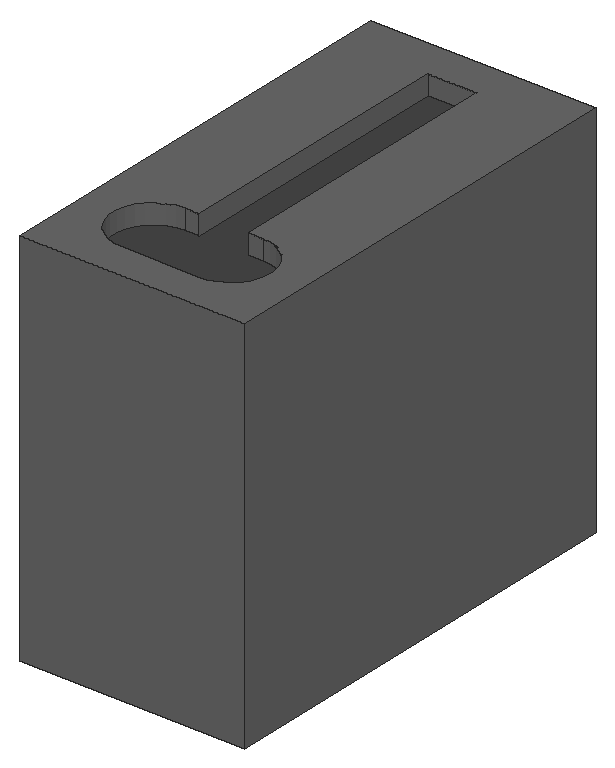
Revit family "Domotics-DomesticRanges-GEWISS-SYSTEM_DATA-PHONE_SOCKET_FRE", category Apparecchi elettrici, host Superficie, Revit 2016
Family settings
  Host = Superficie
  Mantenere orientamento annotazione = Sì
  Tipo di parte = Normale
  Quota connettore circolare = Usa diametro
  Taglio con vuoti quando caricato = Sì
  Condiviso = Sì
  Punto di calcolo locali = Sì
Parameters (values of type "GW21235 - FRENCH PHONE S.-OUTLET 8 CONTACTS SY/BK")
  Volt = 230 V
  Vista in pianta [instance] = yes
  Version file RFA = "19.4"
  URL = "https://www.gewiss.com/ww/en"
  Tipo_ = SYSTEM PRESE TEL FRA_GENERICO : GW21235
  Technical sheet = "https://www.gewiss.com/ww/en/search?q=GW21235"
  Standard: = "French"
  Simbolo [instance] = yes
  SEO = "Connector"
  Realized by GEWISS S.p.A. = ""
  Default Elevation = 1219.2 mm
  Produttore = "GEWISS S.p.A."
  Offset presa [instance] = 0 mm
  Offset bidimensionale [instance] = 39 mm
  No. SYSTEM modules = "1"
  N. poli = 1
  Modello = "GW21235"
  Immagine tipo = GW21235.jpg
  IFC.TypeObject = ""
  IFC.ExportType = ""
  IFC.ExportAs = ""
  IDT = "5c633a00-f518-4a25-9df9-c437490694e6"
  IDF = "c6a26cf8-1e3b-4e8a-9b07-35d354d93641"
  Electrocod = "3722                "
  EAN code = "8011564128828"
  Distanza_x [instance] = 0 mm
  Distanza_effettiva_y [instance] = 100 mm
  Distanza_effettiva_x [instance] = 1000 mm - Distanza_x  # 1000 mm
  Distanza orizzontale del simbolo [instance] = 45.729 mm
  Distanza dal muro [instance] = 4.208 mm
  Descrizione = "FRENCH PHONE S.-OUTLET 8 CONTACTS SY/BK"
  Description: = "French 8 contacts"
  Description. = "Connector"
  Connection = "Screw-on terminals"
  Colour = "Black"
  Catalogue Range = "SYSTEM - DOMESTIC RANGE"
  Catalogue = "DOMOTICS"
  Carico apparente = 0 VA
  COBie.Tagnumber = ""
  COBie.CreatedOn = ""
  COBie.CreatebBy = ""
  COBie.ComponentRegisterItemID = ""
  COBie.Component.TagNumber = ""
  COBie.Component.Space = ""
  COBie.Component.SerialNumber = ""
  COBie.Component.InstallationDate = ""
  COBie.Component.Description = ""
  COBie.Component.BarCode = ""
Types (2, lengths in mm): name | Tipo_ | Technical sheet | Modello | Immagine tipo | IDT | EAN code | Descrizione | Colour
  GW20235 - FRENCH PHONE S.-OUTLET 8 CONTACTS SY/WT | SYSTEM PRESE TEL FRA_GENERICO : GW20235 | "https://www.gewiss.com/ww/en/search?q=GW20235" | "GW20235" | GW20235.jpg | "644cc59e-cbfe-44fb-8cbe-0a84698c2c3c" | "8011564000773" | "FRENCH PHONE S.-OUTLET 8 CONTACTS SY/WT" | "White"
  GW21235 - FRENCH PHONE S.-OUTLET 8 CONTACTS SY/BK | SYSTEM PRESE TEL FRA_GENERICO : GW21235 | "https://www.gewiss.com/ww/en/search?q=GW21235" | "GW21235" | GW21235.jpg | "5c633a00-f518-4a25-9df9-c437490694e6" | "8011564128828" | "FRENCH PHONE S.-OUTLET 8 CONTACTS SY/BK" | "Black"
Reference planes
  plane 1 "Centro (Fronte/Retro)": y = 0
  plane 2: z = 0
  plane 3 "Centro (Sinistra/Destra)": x = 0
  plane 4: x = -1000
  plane 5: x = 0
  plane 6: y = 100
  plane 7: z = 0
  plane 8: z = 39
  plane 9: z = 39
Lines and regions (mm)
  Masking region 1, visible <- "Vista in pianta"
    outline origin (0, 0, 0) x (1, 0, 0) y (0, 1, 0)
      loop
        line (-11.5, 22.5) -> (-11.5, -22.5) -> (11.5, -22.5) -> (11.5, 22.5) -> (-11.5, 22.5)
      loop
        arc (3.991, -18.902) -> (8.068, -14.825) -> (3.991, -10.748) r 4.077
        line (3.991, -10.748) -> (2.525, -10.748) -> (2.525, 18.555) -> (-2.525, 18.555) -> (-2.525, -10.748) -> (-3.991, -10.748)
        arc (-3.991, -10.748) -> (-8.068, -14.825) -> (-3.991, -18.902) r 4.077
        line (-3.991, -18.902) -> (3.991, -18.902)
  Masking region 2, visible <- "Vista in pianta"
    outline origin (0, 0, 0) x (1, 0, 0) y (0, 0, 1)
      loop
        line (-11.5, 39) -> (-11.5, 0) -> (11.5, 0) -> (11.5, 39) -> (-11.5, 39)
  Masking region 3, visible <- "Vista in pianta"
    outline origin (0, 0, 0) x (0, 1, 0) y (0, 0, 1)
      loop
        line (-22.5, 39) -> (-22.5, 0) -> (22.5, 0) -> (22.5, 39) -> (-22.5, 39)
  model lines, style "0", detail levels coarse
    curve 1: arc (-3.991, -10.748, 39) -> (-8.068, -14.825, 39) -> (-3.991, -18.902, 39) r 4.077
    curve 2: arc (3.991, -18.902, 39) -> (8.068, -14.825, 39) -> (3.991, -10.748, 39) r 4.077
    curve 3: line (11.5, -22.5, 39) -> (-11.5, -22.5, 39)
    curve 4: line (-11.5, -22.5, 39) -> (-11.5, 22.5, 39)
    curve 5: line (-11.5, 22.5, 39) -> (11.5, 22.5, 39)
    curve 6: line (11.5, 22.5, 39) -> (11.5, -22.5, 39)
    curve 7: line (-3.991, -10.748, 39) -> (-2.525, -10.748, 39)
    curve 8: line (-2.525, -10.748, 39) -> (-2.525, 18.555, 39)
    curve 9: line (-2.525, 18.555, 39) -> (2.525, 18.555, 39)
    curve 10: line (2.525, 18.555, 39) -> (2.525, -10.748, 39)
    curve 11: line (2.525, -10.748, 39) -> (3.991, -10.748, 39)
    curve 12: line (-3.991, -18.902, 39) -> (3.991, -18.902, 39)
  model lines, style "0", not visible, detail levels coarse
    curve 13: arc (40.941, 35.069, 0) -> (36.863, 30.992, 0) -> (40.941, 26.915, 0) r 4.077
    curve 14: arc (48.922, 26.915, 0) -> (53, 30.992, 0) -> (48.922, 35.069, 0) r 4.077
    curve 15: line (56.432, 23.317, 0) -> (33.432, 23.317, 0)
    curve 16: line (33.432, 23.317, 0) -> (33.432, 68.317, 0)
    curve 17: line (33.432, 68.317, 0) -> (56.432, 68.317, 0)
    curve 18: line (56.432, 68.317, 0) -> (56.432, 23.317, 0)
    curve 19: line (40.941, 35.069, 0) -> (42.406, 35.069, 0)
    curve 20: line (42.406, 35.069, 0) -> (42.406, 64.372, 0)
    curve 21: line (42.406, 64.372, 0) -> (47.457, 64.372, 0)
    curve 22: line (47.457, 64.372, 0) -> (47.457, 35.069, 0)
    curve 23: line (47.457, 35.069, 0) -> (48.922, 35.069, 0)
    curve 24: line (40.941, 26.915, 0) -> (48.922, 26.915, 0)
Dimensions and locks
  plane 4 to plane 3 "Centro (Sinistra/Destra)" = 1000 mm
  "Distanza_effettiva_x": plane 4 to plane 5
  "Distanza_effettiva_y": plane 6 to plane 1 "Centro (Fronte/Retro)"
  "Offset presa": plane 7 to host face
  "Offset bidimensionale": plane 8 to host face
  locked: plane 9 to plane 7 at 39
  aligned and locked: plane 2 to host face
  aligned and locked: level to host face
  aligned and locked: plane 3 "Centro (Sinistra/Destra)" to nested 1
  aligned and locked: plane 1 "Centro (Fronte/Retro)" to nested 1
  aligned and locked: nested 2 to plane 5
  aligned and locked: nested 2 to plane 6
  aligned and locked: Masking region 1 sketch curve to nested 1  (x4)
  aligned and locked: nested 1 to plane 7  (x2)
  aligned and locked: plane 8 to curve 3
  aligned and locked: nested 1 to plane 9  (x2)
  aligned and locked: Masking region 2 sketch curve to nested 1  (x2)
  aligned and locked: plane 9 to Masking region 2 sketch curve
  aligned and locked: plane 7 to Masking region 2 sketch curve
  aligned and locked: Masking region 2 to plane 7
  aligned and locked: Masking region 3 sketch curve to nested 1  (x2)
  aligned and locked: plane 9 to Masking region 3 sketch curve
  aligned and locked: plane 7 to Masking region 3 sketch curve
  aligned and locked: Masking region 3 to plane 7
  aligned and locked: plane 7 to nested 1  (x2)
  aligned and locked: Masking region 3 to plane 9
  aligned and locked: plane 9 to nested 1
Automatic sketch dimensions
  host sketch curve to host sketch curve = 2438.4 mm  (x2)
  Masking region 1 sketch curve to plane 3 "Centro (Sinistra/Destra)" = 3.991 mm
  Masking region 1 sketch curve to Masking region 1 sketch curve = 3.598 mm
  Masking region 1 sketch curve to Masking region 1 sketch curve = 4.077 mm  (x2)
  plane 3 "Centro (Sinistra/Destra)" to Masking region 1 sketch curve = 3.991 mm
  Masking region 1 sketch curve to Masking region 1 sketch curve = 1.466 mm  (x2)
  Masking region 1 sketch curve to Masking region 1 sketch curve = 3.945 mm
Nested families
  nested 1: "SYSTEM PRESE TEL FRA_GENERICO" at (0, 0, 0), type <- "Tipo_", type "GW21235", detail levels medium+fine
  nested 2: "SIMBOLO" at (0, 100, 0), visible <- "Simbolo", SIMBOLO <- "Simbolo", type "SIMBOLO"
    with SIMBOLO yes, Distanza dal muro 4.208 mm, BORDO ACCESO yes
Connectors
  electrical at (0, 0, 0), driven by "N. poli", driven by "Volt", driven by "Carico apparente"
    settings: on nested 1, index 1, voltage 230 V, apparent load 0 VA, apparent load phase1 0 VA, apparent load phase2 0 VA, apparent load phase3 0 VA, power factor 1, load classification "Altro", number of poles 1, system type 31, power factor state 1, is connector primary yes, connector utility no, sub classification motor no, connector description ""
Definition of nested family "SYSTEM PRESE TEL FRA_GENERICO"
  Parameters (values of type "GW20235")
    Profondità presa = 39 mm
    Finitura System Limitatore Tensione = none
    Altezza da Terra = 750 mm
  Types (2): name
    GW20235
    GW21235
  Reference planes
    plane 1 "Centro (Fronte/Retro)": y = 0
    plane 2: z = 0
    plane 3 "Centro (Sinistra/Destra)": x = 0
    plane 4: z = 0
    plane 5: z = 39
    plane 6: z = 37
  Forms (mm)
    Extrusion 1, solid, material <- "Finitura System Limitatore Tensione"
      sketch origin (-51.929, -802.514, 39) x (1, 0, 0) y (0, 1, 0)
        loop
          line (40.429, 825.014) -> (40.429, 780.014) -> (63.429, 780.014) -> (63.429, 825.014) -> (40.429, 825.014)
        loop
          line (49.404, 791.767) -> (47.938, 791.767)
          arc (47.938, 791.767) -> (43.861, 787.689) -> (47.938, 783.612) r 4.077
          line (47.938, 783.612) -> (55.92, 783.612)
          arc (55.92, 783.612) -> (59.997, 787.689) -> (55.92, 791.767) r 4.077
          line (55.92, 791.767) -> (54.454, 791.767) -> (54.454, 821.069) -> (49.404, 821.069) -> (49.404, 791.767)
      from 0 to -39
    Extrusion 2, solid
      sketch origin (0, 0, 0) x (1, 0, 0) y (0, 1, 0)
        loop
          line (-2.525, -10.748) -> (-3.991, -10.748)
          arc (-3.991, -10.748) -> (-8.068, -14.825) -> (-3.991, -18.902) r 4.077
          line (-3.991, -18.902) -> (3.991, -18.902)
          arc (3.991, -18.902) -> (8.068, -14.825) -> (3.991, -10.748) r 4.077
          line (3.991, -10.748) -> (2.525, -10.748) -> (2.525, 18.555) -> (-2.525, 18.555) -> (-2.525, -10.748)
      from 0 to 37
  Dimensions and locks
    "Profondità presa": plane 5 to level
    plane 5 to plane 6 = 2 mm
    aligned and locked: level to plane 2
    aligned and locked: Extrusion 1 to plane 4
    aligned and locked: plane 2 to plane 4
    aligned and locked: plane 5 to Extrusion 1
    aligned and locked: plane 6 to Extrusion 2
  Automatic sketch dimensions
    Extrusion 1 sketch curve to plane 3 "Centro (Sinistra/Destra)" = 11.5 mm
    plane 1 "Centro (Fronte/Retro)" to Extrusion 1 sketch curve = 22.5 mm
    Extrusion 1 sketch curve to plane 1 "Centro (Fronte/Retro)" = 22.5 mm
    plane 3 "Centro (Sinistra/Destra)" to Extrusion 1 sketch curve = 11.5 mm
    Extrusion 1 sketch curve to plane 3 "Centro (Sinistra/Destra)" = 2.525 mm
    Extrusion 1 sketch curve to Extrusion 1 sketch curve = 3.945 mm
    plane 3 "Centro (Sinistra/Destra)" to Extrusion 1 sketch curve = 2.525 mm
    plane 1 "Centro (Fronte/Retro)" to Extrusion 1 sketch curve = 10.748 mm
    Extrusion 1 sketch curve to Extrusion 1 sketch curve = 0 mm
    plane 3 "Centro (Sinistra/Destra)" to Extrusion 1 sketch curve = 3.991 mm
    Extrusion 1 sketch curve to plane 3 "Centro (Sinistra/Destra)" = 3.991 mm
    Extrusion 1 sketch curve to Extrusion 1 sketch curve = 4.077 mm
    Extrusion 2 sketch curve to plane 3 "Centro (Sinistra/Destra)" = 2.525 mm
    Extrusion 2 sketch curve to plane 1 "Centro (Fronte/Retro)" = 18.555 mm
    plane 3 "Centro (Sinistra/Destra)" to Extrusion 2 sketch curve = 2.525 mm
    plane 1 "Centro (Fronte/Retro)" to Extrusion 2 sketch curve = 10.748 mm
    Extrusion 2 sketch curve to Extrusion 2 sketch curve = 0 mm
    Extrusion 2 sketch curve to Extrusion 2 sketch curve = 1.466 mm
    Extrusion 2 sketch curve to plane 3 "Centro (Sinistra/Destra)" = 3.991 mm
    Extrusion 2 sketch curve to Extrusion 2 sketch curve = 4.077 mm
Definition of nested family "SIMBOLO"
  Parameters (values of type "SIMBOLO")
    SIMBOLO [instance] = yes
    Distanza dal muro [instance] = 4.208 mm
    BORDO ACCESO [instance] = yes
  Reference planes
    plane 1: y = 0
    plane 2: x = 0
  Dimensions and locks
    aligned and locked: plane 1 to nested 1
  Nested families
    nested 1: "SCARICSOVRAT_BASE" at (0, 0, 0), BORDO ACCESO <- "BORDO ACCESO", visible <- "SIMBOLO", type "SCARICSOVRAT"
      with BORDO ACCESO yes
  Definition of nested family "SCARICSOVRAT_BASE"
    Parameters (values of type "SCARICSOVRAT")
      Distanza dal muro = 4.208 mm
      BORDO ACCESO [instance] = yes
    Reference planes
      plane 1: y = 0
      plane 2: x = 0
    Lines and regions (mm)
      detail lines, visible <- "BORDO ACCESO", not visible
        curve 1: line (-1.743, 9.208, 0) -> (2.057, 9.208, 0)
        curve 2: line (2.057, 9.208, 0) -> (2.057, 4.208, 0)
        curve 3: line (2.057, 4.208, 0) -> (-1.743, 4.208, 0)
        curve 4: line (-1.743, 4.208, 0) -> (-1.743, 9.208, 0)
        curve 5: line (-1.543, 9.008, 0) -> (1.857, 9.008, 0)
        curve 6: line (1.857, 9.008, 0) -> (1.857, 4.408, 0)
        curve 7: line (1.857, 4.408, 0) -> (-1.543, 4.408, 0)
        curve 8: line (-1.543, 4.408, 0) -> (-1.543, 9.008, 0)
    Dimensions and locks
      aligned and locked: import instance to plane 2
      aligned and locked: plane 1 to import instance
